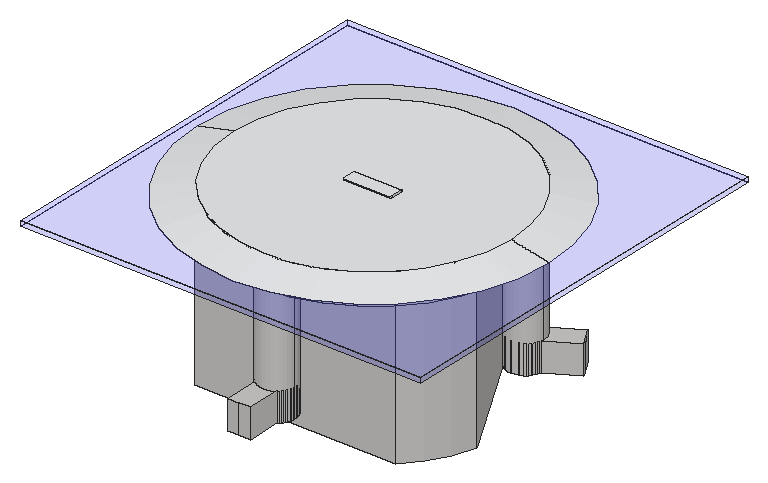
Revit family "QSC NL-C4", category Communication Devices, host Face, Revit 2018
Family settings
  Host = Face
  Maintain Annotation Orientation = No
  Round Connector Dimension = Use Diameter
  Part Type = Normal
  Cut with Voids When Loaded = No
  Shared = No
  Room Calculation Point = No
Parameters (values of type "NL-C4 PoE")
  Width = 280 mm  # constant formula
  Weight Product (lb) = 3.5  # constant formula
  Weight Product (kg) = 1.6  # constant formula
  Voltage DC [instance] = "PoE (Type 1 Class 4)"
  URL = "https://www.qsc.com/products-solutions/q-sys/audio-network-loudspeakers/nl-series/nl-c4/"
  Temperature Min = "10° C"  # constant formula
  Temperature Max = "40° C"  # constant formula
  SPL Max = 108
  Regulatory Compliance = "UL/IEC 62368-1, UL 2043"  # constant formula
  Product Page URL = "https://www.qsc.com/products-solutions/q-sys/audio-network-loudspeakers/nl-series/nl-c4/"
  Product Documentation Link = "https://www.qsc.com/resource-files/productresources/dn/nl_series/q_dn_qsys_nl-c4_specs.pdf"
  Power Handling = 12
  Model = "NL-C4"  # constant formula
  Manufacturer URL = "http://www.qsc.com"
  Manufacturer = "QSC, LLC"  # constant formula
  Logo Material [instance] = White Powder Coated Finish
  Grille Material [instance] = White Powder Coated Mesh
  Description = "Network PoE 4-Inch Ceiling-Mount Loudspeaker"
  Depth = 105 mm  # constant formula
  Default Elevation = 0 mm
  Coverage Vertical = 120.00°  # constant formula
  Coverage Horizontal = 120.00°  # constant formula
  Communication Ports = "RJ45 Q-LAN"  # constant formula
Types (3, lengths in mm): name | Voltage DC | SPL Max | Power Handling | Description
  (no name) | "PoE (Type 1 Class 4)" | 108 | 12 | "Network PoE 4-Inch Ceiling-Mount Loudspeaker"
  NL-C4 PoE | "PoE (Type 1 Class 4)" | 108 | 12 | "Network PoE 4-Inch Ceiling-Mount Loudspeaker"
  NL-C4 PoE+ | "PoE+ (Type 2 Class 4)" | 111 | 24 | "Network PoE+ 4-Inch Ceiling-Mount Loudspeaker"
Reference planes
  plane 1 "Center (Front/Back)": y = 0
  plane 2: z = 0
  plane 3 "Center (Left/Right)": x = 0
  plane 4 "Grill Extent": z = 5
  plane 5 "Enclosure Extent": z = -100
  plane 6 "Middle Extent": z = -12.5
Forms (mm)
  Extrusion 1, solid, material "Glass"
    sketch origin (0, 0, 0) x (1, 0, 0) y (0, 1, 0)
      loop
        line (-115.641, 125.286) -> (-115.641, -125.77) -> (129.373, -125.77) -> (129.373, 125.286) -> (-115.641, 125.286)
    from 0 to -3.178
  Extrusion 2, solid, material "Steel"
    sketch origin (0, 0, -12.5) x (0, 1, 0) y (-1, 0, 0)
      loop
        circle (0, 0) r 87.3
    from 0 to 12.5
  Extrusion 3, solid, material "Steel"
    sketch origin (0, 0, -100) x (0, 1, 0) y (-1, 0, 0)
      loop
        circle (0, 0) r 85.625
    from 0 to 87.5
  Blend 4, solid, material "White Powder Coated Mesh" <- "Grille Material"
    base sketch origin (0, 0, 0) x (1, 0, 0) y (0, 1, 0)
      loop
        circle (0, 0) r 107.5
    top sketch origin (0, 0, 0) x (1, 0, 0) y (0, 1, 0)
      loop
        circle (0, 0) r 84.8
    from 0 to 5
  Extrusion 5, solid, material "White Powder Coated Finish" <- "Logo Material"
    sketch origin (-182.677, -24.318, 5) x (0, 1, 0) y (-1, 0, 0)
      loop
        arc (28.268, -168.392) -> (28.119, -168.033) -> (27.76, -167.884) r 0.508
        line (27.76, -167.884) -> (20.111, -167.884)
        arc (20.111, -167.884) -> (19.752, -168.033) -> (19.603, -168.392) r 0.508
        line (19.603, -168.392) -> (19.603, -196.527)
        arc (19.603, -196.527) -> (19.752, -196.887) -> (20.111, -197.035) r 0.508
        line (20.111, -197.035) -> (27.76, -197.035)
        arc (27.76, -197.035) -> (28.119, -196.887) -> (28.268, -196.527) r 0.508
        line (28.268, -196.527) -> (28.268, -168.392)
    from 0 to 0.794
  Extrusion 6, void
    sketch origin (0, 0, -100) x (0, 1, 0) y (-1, 0, 0)
      loop
        line (120.955, 7.541) -> (120.955, 134.5) -> (-113.712, 134.5) -> (106.187, 7.541) -> (120.955, 7.541)
      loop
        line (-59.625, 86.95) -> (-154.685, 86.95) -> (-154.685, -98.05) -> (-59.625, -98.05) -> (-59.625, 86.95)
      loop
        line (-112.109, -133.562) -> (120.955, -133.562) -> (120.955, -6.881) -> (107.309, -6.881) -> (-112.109, -133.562)
    from 0 to 87.5
  Extrusion 7, solid, material "Steel"
    sketch origin (0, 0, 0) x (1, 0, 0) y (0, 1, 0)
      loop
        circle (-63.813, 36.843) r 11
      loop
        circle (0, -73.685) r 11
      loop
        circle (63.813, 36.843) r 11
    from -12.5 to -87
  Extrusion 8, void
    sketch origin (0, 0, 0) x (1, 0, 0) y (0, 1, 0)
      loop
        arc (49.367, 103.865) -> (0, 115) -> (-49.367, 103.865) r 115
        line (-49.367, 103.865) -> (-70.564, 67.15) -> (-54.976, 58.15) -> (54.976, 58.15) -> (70.564, 67.15) -> (49.367, 103.865)
    from -99 to -100
  Extrusion 9, solid, material "Steel"
    sketch origin (0, 0, 0) x (1, 0, 0) y (0, 1, 0)
      loop
        line (6.881, -102.685) -> (6.881, -82.268)
        arc (6.881, -82.268) -> (0, -62.685) -> (-6.881, -82.268) r 11
        line (-6.881, -82.268) -> (-6.881, -102.685) -> (0, -102.685) -> (6.881, -102.685)
      loop
        line (85.488, 57.302) -> (67.805, 47.093)
        arc (67.805, 47.093) -> (54.287, 31.343) -> (74.686, 35.175) r 11
        line (74.686, 35.175) -> (92.369, 45.384) -> (88.928, 51.343) -> (85.488, 57.302)
      loop
        line (-92.369, 45.384) -> (-74.686, 35.175)
        arc (-74.686, 35.175) -> (-54.287, 31.343) -> (-67.805, 47.093) r 11
        line (-67.805, 47.093) -> (-85.488, 57.302) -> (-88.928, 51.343) -> (-92.369, 45.384)
    from -69.347 to -87
Cuts and joins
  Extrusion 6 cuts Extrusion 2
  joined: Extrusion 2, Extrusion 7
  Extrusion 6, Extrusion 8 cuts Extrusion 3
Lines and regions (mm)
  model lines
    curve 1: line (1.937, -1.546, 5.794) -> (-0.28, 1.374, 5.794)
    curve 2: line (-0.28, 1.374, 5.794) -> (1.937, -1.546, 5.794)
    curve 3: line (-8.315, -1.182, 5.794) -> (-7.478, 1.831, 5.794)
    curve 4: line (-7.478, 1.831, 5.794) -> (-8.315, -1.182, 5.794)
    curve 5: line (-6.916, -3.176, 5.794) -> (-7.541, 2.398, 5.794)
    curve 6: line (-7.541, 2.398, 5.794) -> (-6.916, -3.176, 5.794)
    curve 7: line (4.904, 0.724, 5.794) -> (6.881, -0.728, 5.794)
    curve 8: line (6.881, -0.728, 5.794) -> (4.904, 0.724, 5.794)
Dimensions and locks
  locked: plane 4 "Grill Extent" to plane 2 at 5
  locked: plane 6 "Middle Extent" to plane 2 at 12.5
  locked: plane 5 "Enclosure Extent" to plane 6 "Middle Extent" at 87.5
  radius of Extrusion 2 sketch curve = 87.3 mm
  radius of Blend 4 sketch curve = 107.5 mm
  radius of Blend 4 sketch curve = 84.8 mm
  aligned and locked: plane 2 to Extrusion 1
  aligned and locked: level to Extrusion 1
  aligned and locked: Blend 4 to plane 2
  aligned and locked: cut or joined group of Extrusion 3, Extrusion 6, Extrusion 8 to plane 5 "Enclosure Extent"
Connectors
  cabletrayconduit at (-0.005, 73.599, -99), diameter 19.1
    settings: on cut or joined group of Extrusion 3, Extrusion 6, Extrusion 8, index 3, connector width 300 mm, connector height 300 mm, connector angle 0.00°, system type 32, placement type 0, profile type 0, connector reference index -1, is primary connector yes, connector utility param no, connector description "3/4\" KO"
  electrical at (-46.183, 39.258, -70.5)
    settings: on cut or joined group of Extrusion 3, Extrusion 6, Extrusion 8, index 4, voltage 0 V, apparent load 0 VA, apparent load phase1 0 VA, apparent load phase2 0 VA, apparent load phase3 0 VA, power factor 1, load classification "Other", number of poles 1, system type 14, power factor state 1, is connector primary yes, connector utility no, sub classification motor no, connector description "Loudspeaker"
